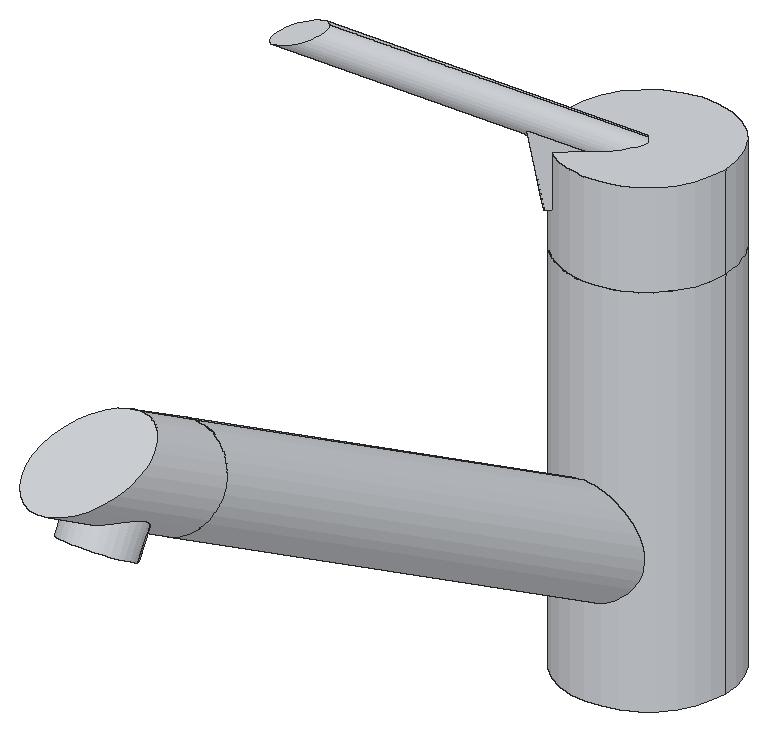
Revit family
Parameters (values of type "50 x 270mm")
  Tap Material = none
  Manufacturer = "Revit"
Reference planes
  plane 1 "Center (Front/Back)": y = 0
  plane 2: z = 0
  plane 3 "Center (Left/Right)": x = 0
  plane 4: z = 50
  plane 5: z = 150
  plane 6: through (0, 6.419, 11.669) normal (0, -0.482, -0.8762)
  plane 7 "1": through (0, 0, 0) normal (-0.7071, 0.7071, 0)
Forms (mm)
  Extrusion 1, solid, material <- "Tap Material"
    sketch origin (0, 0, 0) x (1, 0, 0) y (0, 1, 0)
      loop
        circle (0, 0) r 25
    from 0 to 120
  Extrusion 2, solid, material <- "Tap Material"
    sketch origin (0, 0, 120) x (1, 0, 0) y (0, 1, 0)
      loop
        circle (0, 0) r 25
    from 0 to 30
  Sweep 3, solid, material <- "Tap Material"
    path origin (0, 0, 0) x (0, 1, 0) y (0, 0, 1)
      loop
        line (-7.059, 38.349) -> (-187.156, 137.42)
    profile origin (0, -111.663, 61.425) x (0, -0.481984, -0.87618) y (1, 0, 0)
      loop
        circle (-28.318, 0) r 15
  Sweep 4, solid, material <- "Tap Material"
    path origin (0, 0, 0) x (0, 1, 0) y (0, 0, 1)
      loop
        line (-188.063, 135.772) -> (-236.252, 162.281)
    profile origin (0, -225.806, 124.215) x (0, -0.481984, -0.87618) y (1, 0, 0)
      loop
        circle (-28.318, 0) r 15
  Extrusion 5, void
    sketch origin (0, 0, 0) x (0, -1, 0) y (0, 0, 1)
      loop
        line (202.737, 160.964) -> (243.482, 149.139) -> (229.023, 175.424) -> (202.737, 160.964)
    from -54.803 to 30
  Extrusion 6, solid, material <- "Tap Material"
    sketch origin (0, 6.419, 11.669) x (0, -0.87618, 0.481984) y (-1, 0, 0)
      loop
        circle (255.217, 0) r 11
    from -7.514 to 6.121
  Sweep 7, solid, material <- "Tap Material"
    path origin (0, 0, 0) x (-0.707107, -0.707107, 0) y (0, 0, 1)
      loop
        line (1.612, 146.811) -> (92.243, 189.073)
    profile origin (-72.741, -72.741, 47.97) x (0.298836, 0.298836, 0.906308) y (-0.707107, 0.707107, 0)
      loop
        circle (131.377, 0) r 5
  Extrusion 8, solid, material <- "Tap Material"
    sketch origin (0, 0, 0) x (-0.707107, -0.707107, 0) y (0, 0, 1)
      loop
        line (30.984, 158.177) -> (9.675, 150.421) -> (9.675, 133.671) -> (26.663, 133.671) -> (30.984, 158.177)
    from -4.433 to 4.388
  Extrusion 9, void
    sketch origin (0, 0, 0) x (0.707107, 0.707107, 0) y (0, 0, 1)
      loop
        line (-99.984, 182.242) -> (-73.884, 189.236) -> (-99.984, 198.735) -> (-99.984, 182.242)
    from -20.858 to 30
Cuts and joins
  Extrusion 5, Extrusion 9 cuts Extrusion 1
  Extrusion 5, Extrusion 9 cuts Sweep 3
  joined: Extrusion 1, Sweep 3
  Extrusion 5, Extrusion 9 cuts Extrusion 2
  Extrusion 9 cuts Sweep 7
  Extrusion 9 cuts Extrusion 8
  joined: Extrusion 2, Sweep 7, Extrusion 8
  Extrusion 5, Extrusion 9 cuts Sweep 4
  Extrusion 9 cuts Extrusion 6
  joined: Sweep 4, Extrusion 6
